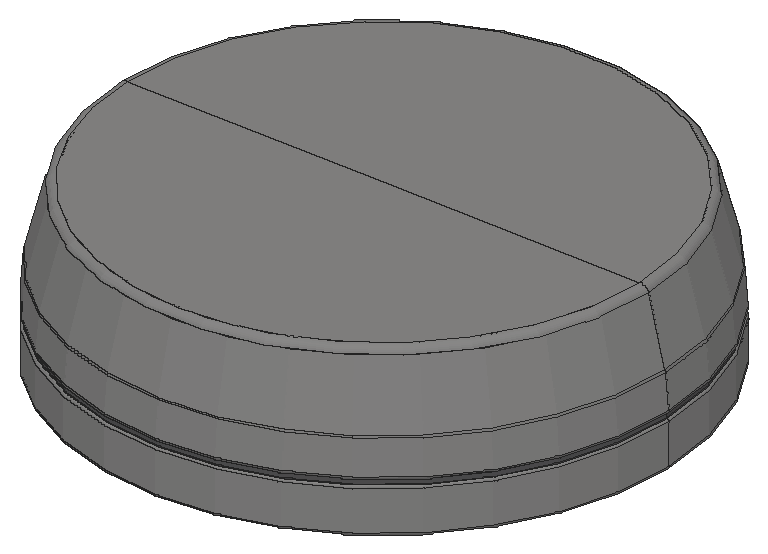
Revit family "Seating-Large_CAL133-Teknion-STBCJ_Qui-R2014", category Furniture, Revit 2014
Parameters (values of type "Large")
  Width = 60.000"
  Warranty = "http://www.teknionstudio.com/pdfs/Teknion%20Studio%20Warranty.pdf"
  Unit Weight = 255.00 lbf  # constant formula
  URL = "www.teknionstudio.com"
  Top Upholstery Finish [instance] = Fabric - Teknion - F206 - Full Wool - Fantasme
  Thread Finish [instance] = Thread - Teknion - Silver
  Series = "Studio"
  Product Line = "Qui"
  Product Documentation Link = "http://www.teknionstudio.com/pricing/STBCJ_ppg.pdf"
  Part Number = "STBCJ"
  No Casters = no
  Model = "STBCJ4"
  Mid Upholstery Finish [instance] = Fabric - Teknion - F212 - Full Wool - Ink
  Manufacturer Phone = "919-464-2920"
  Manufacturer Fax = "919-464-2927"
  Manufacturer Email = "customersupport@teknionstudio.com"
  Manufacturer Address = "3941 US 70 Business HWY West, Clayton, NC 27520"
  Manufacturer = "StudioTK"  # constant formula
  Low Emitting Material = yes
  Low Emitting Finish = yes
  Height = 17.3001"
  Designation = "CAL 133"  # constant formula
  Description = "Qui Large Ottoman - CAL133 -  Upholstered Mid Panel, 60\"dia x 18\"h / 152cm x 46cm"
  Depth = 60.000"
  Base Upholstery Finish [instance] = Fabric - Teknion - F206 - Full Wool - Fantasme
  Assembly Code = "E2020200"
Reference planes (in)
  plane 1 "Center F/B": y = 0
  plane 2: z = 0
  plane 3 "Center L/R": x = 0
  plane 4 "Left": x = -30
  plane 5 "Right": x = 30
  plane 6 "Back": y = 30
  plane 7 "Front": y = -30
  plane 8 "Top": z = 17.3001
  plane 9 "Mid Top": z = 5.99
  plane 10 "Mid Bottom": z = 5.4351
  plane 11 "Casters Top": z = 2.6851
  plane 12 "Bottom": z = 0.75
  plane 13: y = -10.5
  plane 14: through (0, 0, 48) normal (-0.5, 0.866, 0)
  plane 15: through (0, 0, 48) normal (0.5, 0.866, 0)
  plane 16 "Wheel Mid Plane": z = 1.19
  plane 17 "Thread 2": z = 16.6501
  plane 18 "Thread 3": x = -0.325
  plane 19 "Thread 4": x = 0.325
  plane 20: x = -3.725
  plane 21: x = 3.725
  plane 22: z = 5.61
  plane 23: z = 5.81
Forms (in)
  Revolve 1, solid, material "Fabric - Teknion - F206 - Full Wool - Fantasme" <- "Base Upholstery Finish"
    sketch origin (0, 0, 0) x (1, 0, 0) y (0, 0, 1)
      loop
        line (0, 5.4351) -> (-29.75, 5.4351)
        arc (-29.75, 5.4351) -> (-29.92678, 5.36188) -> (-30, 5.1851) r 0.25
        line (-30, 5.1851) -> (-30, 1)
        arc (-30, 1) -> (-29.92678, 0.82322) -> (-29.75, 0.75) r 0.25
        line (-29.75, 0.75) -> (0, 0.75) -> (0, 5.4351)
      axis (0, 5.4351) -> (0, 0.75)
    angle from 0 to 360
  Revolve 2, solid, material "Fabric - Teknion - F212 - Full Wool - Ink" <- "Mid Upholstery Finish"
    sketch origin (0, 0, 0) x (1, 0, 0) y (0, 0, 1)
      loop
        arc (-29.65, 6.0501) -> (-29.72071, 6.02081) -> (-29.75, 5.9501) r 0.1
        line (-29.75, 5.9501) -> (-29.75, 5.47013)
        arc (-29.75, 5.47013) -> (-29.72067, 5.39933) -> (-29.64987, 5.37) r 0.10013
        line (-29.64987, 5.37) -> (0, 5.37) -> (0, 6.0501) -> (-29.65, 6.0501)
      axis (0, 6.0501) -> (0, 5.37)
    angle from 0 to 360
  Revolve 3, solid, material "Fabric - Teknion - F206 - Full Wool - Fantasme" <- "Top Upholstery Finish"
    sketch origin (0, 0, 0) x (1, 0, 0) y (0, 0, 1)
      loop
        line (0, 17.3001) -> (0, 5.99) -> (29.73328, 5.99)
        arc (29.73328, 5.99) -> (29.9176, 6.0711) -> (29.98233, 6.26179) r 0.25
        line (29.98233, 6.26179) -> (29.67651, 9.75731)
        arc (29.67651, 9.75731) -> (29.66114, 9.87407) -> (29.63565, 9.98906) r 1.35
        line (29.63565, 9.98906) -> (27.8554, 16.63304)
        arc (27.8554, 16.63304) -> (27.53395, 17.11412) -> (26.98607, 17.3001) r 0.9
        line (26.98607, 17.3001) -> (0, 17.3001)
      axis (0, 5.99) -> (0, 17.3001)
    angle from 0 to 360
  Revolve 4, solid, material "Plastic - Teknion - E - Ebony"
    sketch origin (0, -16.9, 0) x (0, 1, 0) y (0, 0, 1)
      loop
        line (-10.5, 0) -> (-10.5, 0.75) -> (-11, 0.75) -> (-10.89982, 0) -> (-10.5, 0)
      axis (-10.5, 0) -> (-10.5, 0.75)
    angle from 0 to 360
  Revolve 5, solid, material "Plastic - Teknion - E - Ebony"
    sketch origin (-14.63583, -8.45, 0) x (0.866025, 0.5, 0) y (0, 0, 1)
      loop
        line (-10.5, 0) -> (-10.5, 0.75) -> (-11, 0.75) -> (-10.89982, 0) -> (-10.5, 0)
      axis (-10.5, 0) -> (-10.5, 0.75)
    angle from 0 to 360
  Revolve 6, solid, material "Plastic - Teknion - E - Ebony"
    sketch origin (-14.63583, 8.45, 0) x (0.866025, -0.5, 0) y (0, 0, 1)
      loop
        line (-10.5, 0) -> (-10.5, 0.75) -> (-11, 0.75) -> (-10.89982, 0) -> (-10.5, 0)
      axis (-10.5, 0) -> (-10.5, 0.75)
    angle from 0 to 360
  Revolve 7, solid, material "Plastic - Teknion - E - Ebony"
    sketch origin (0, 16.9, 0) x (0, -1, 0) y (0, 0, 1)
      loop
        line (-10.5, 0) -> (-10.5, 0.75) -> (-11, 0.75) -> (-10.89982, 0) -> (-10.5, 0)
      axis (-10.5, 0) -> (-10.5, 0.75)
    angle from 0 to 360
  Revolve 8, solid, material "Plastic - Teknion - E - Ebony"
    sketch origin (14.63583, 8.45, 0) x (-0.866025, -0.5, 0) y (0, 0, 1)
      loop
        line (-10.5, 0) -> (-10.5, 0.75) -> (-11, 0.75) -> (-10.89982, 0) -> (-10.5, 0)
      axis (-10.5, 0) -> (-10.5, 0.75)
    angle from 0 to 360
  Revolve 9, solid, material "Plastic - Teknion - E - Ebony"
    sketch origin (14.63583, -8.45, 0) x (-0.866025, 0.5, 0) y (0, 0, 1)
      loop
        line (-10.5, 0) -> (-10.5, 0.75) -> (-11, 0.75) -> (-10.89982, 0) -> (-10.5, 0)
      axis (-10.5, 0) -> (-10.5, 0.75)
    angle from 0 to 360
Lines and regions (in)
  Masking region 1
    outline origin (0, 0, 17.3001) x (-1, 0, 0) y (0, -1, 0)
      loop
        circle (0, 0) r 30
  symbolic lines, detail levels fine
    curve 1: circle (0, 0, 17.3001) r 29.5 normal (0, 0, 1)
  symbolic lines, detail levels medium+fine
    curve 2: circle (0, 0, 17.3001) r 27.85 normal (0, 0, 1)
  symbolic lines
    curve 3: circle (0, 0, 17.3001) r 27.35 normal (0, 0, 1)
  model lines, detail levels medium+fine
    curve 4: arc (0.325, -27.8481, 16.6501) -> (2.0288, -27.77601, 16.6501) -> (3.725, -27.59976, 16.6501) r 27.85
    curve 5: arc (-3.725, -27.59976, 16.6501) -> (-2.0288, -27.77601, 16.6501) -> (-0.325, -27.8481, 16.6501) r 27.85
    curve 7: line (-0.325, -27.85035, 16.6501) -> (-0.325, -29.64438, 9.95469)
    curve 8: line (-0.325, -29.97955, 6.24243) -> (-0.325, -29.69419, 9.50408)
    curve 9: arc (-0.325, -29.64438, 9.95469) -> (-0.325, -29.67065, 9.72953) -> (-0.325, -29.69419, 9.50408) r 18.79624
    curve 10: arc (-0.325, -29.97955, 6.24243) -> (-0.325, -29.90562, 6.06393) -> (-0.325, -29.72712, 5.99) r 0.25243
    curve 11: line (-0.325, -30, 5.19389) -> (-0.325, -30, 1.00401)
    curve 12: arc (-0.325, -30, 1.00401) -> (-0.325, -29.9256, 0.8244) -> (-0.325, -29.74599, 0.75) r 0.25401
    curve 13: arc (-0.325, -30, 5.19389) -> (-0.325, -29.93367, 5.36175) -> (-0.325, -29.76808, 5.43354) r 0.23582
    curve 14: line (0.325, -27.85035, 16.6501) -> (0.325, -29.64438, 9.95469)
    curve 15: line (0.325, -29.97955, 6.24243) -> (0.325, -29.69419, 9.50408)
    curve 16: arc (0.325, -29.64438, 9.95469) -> (0.325, -29.67065, 9.72953) -> (0.325, -29.69419, 9.50408) r 18.79624
    curve 17: arc (0.325, -29.97955, 6.24243) -> (0.325, -29.90562, 6.06393) -> (0.325, -29.72712, 5.99) r 0.25243
    curve 18: line (0.325, -30, 5.19389) -> (0.325, -30, 1.00401)
    curve 19: arc (0.325, -30, 1.00401) -> (0.325, -29.9256, 0.8244) -> (0.325, -29.74599, 0.75) r 0.25401
    curve 20: arc (0.325, -30, 5.19389) -> (0.325, -29.93367, 5.36175) -> (0.325, -29.76808, 5.43354) r 0.23582
  model lines, detail levels fine
    curve 6: arc (-3.725, -27.09514, 17.3001) -> (0, -27.35, 17.3001) -> (3.725, -27.09514, 17.3001) r 27.35
Dimensions and locks (in)
  "Height": plane 8 "Top" to level
  equal spacing: plane 4 "Left", plane 3 "Center L/R", plane 5 "Right"
  "Width": plane 4 "Left" to plane 5 "Right"
  equal spacing: plane 6 "Back", plane 1 "Center F/B", plane 7 "Front"
  "Depth": plane 6 "Back" to plane 7 "Front"
  locked: plane 3 "Center L/R" to Revolve 2 sketch curve at 29.75
  locked: plane 16 "Wheel Mid Plane" to plane 2 at 1.19
  plane 19 "Thread 4" to plane 3 "Center L/R" to plane 18 "Thread 3" = 0.325", 0.325"
  locked: plane 19 "Thread 4" to plane 18 "Thread 3" at 0.65
  Revolve 2 sketch curve to Revolve 2 sketch curve to Revolve 2 sketch curve to Revolve 2 sketch curve to plane 2 = 0.100" locked, 0.47997" locked, 0.10013" locked, 5.370" locked
  equal spacing: plane 20, plane 3 "Center L/R", plane 21
  locked: plane 20 to plane 21 at 7.45
  plane 23 to plane 22 to plane 2 = 0.200" locked, 5.610" locked
  plane 20 to plane 3 "Center L/R" to plane 21 = 3.725" locked, 3.725" locked
  locked: plane 13 to plane 7 "Front" at 19.5
  plane 11 "Casters Top" to plane 12 "Bottom" to level = 1.9351" locked, 0.750" locked
  locked: plane 8 "Top" to plane 17 "Thread 2" at 0.65
  radius of curve 1 = 29.500"
  radius of curve 2 = 27.850"
  radius of curve 3 = 27.350"
  radius of curve 13 = 0.23582"
  radius of curve 10 = 0.25243"
  radius of curve 12 = 0.25401"
  radius of curve 6 = 27.350"
  radius of curve 4 = 27.850"
  radius of Masking region 1 sketch curve = 30.000"
  locked: plane 5 "Right" to Revolve 3 sketch curve (angle 15.00°)
  locked: plane 5 "Right" to Revolve 3 sketch curve (angle 5.00°)
  locked: curve 5 to curve 5 (angle 7.01784°)
  locked: curve 4 to curve 4 (angle 7.01784°)
  angle plane 7 "Front" to curve 7 = 15.00°
  locked: plane 7 "Front" to curve 8 (angle 5.00°)
  aligned and locked: level to plane 2
  aligned and locked: plane 8 "Top" to Revolve 1 sketch curve
  aligned and locked: plane 2 to Revolve 1 sketch curve
  aligned and locked: Revolve 1 sketch curve to plane 3 "Center L/R"  (x2)
  aligned and locked: Revolve 1 sketch curve to plane 4 "Left"
  aligned and locked: Revolve 1 sketch curve to plane 12 "Bottom"
  aligned and locked: plane 10 "Mid Bottom" to Revolve 1 sketch curve
  aligned and locked: plane 8 "Top" to Revolve 2 sketch curve
  aligned and locked: plane 2 to Revolve 2 sketch curve
  aligned and locked: Revolve 2 sketch curve to plane 3 "Center L/R"  (x2)
  aligned and locked: plane 8 "Top" to Revolve 3 sketch curve
  aligned and locked: plane 2 to Revolve 3 sketch curve
  aligned and locked: plane 3 "Center L/R" to Revolve 3 sketch curve
  aligned and locked: Revolve 3 sketch curve to plane 8 "Top"
  aligned and locked: Revolve 3 sketch curve to plane 9 "Mid Top"
  aligned and locked: Revolve 3 sketch curve to plane 3 "Center L/R"
  aligned and locked: curve 4 to curve 5
  aligned and locked: curve 7 to curve 14
  aligned and locked: curve 16 to curve 9
  aligned and locked: curve 15 to curve 8
  aligned and locked: curve 17 to curve 10
  aligned and locked: curve 20 to curve 13
  aligned and locked: curve 18 to curve 11
  aligned and locked: curve 19 to curve 12
  aligned and locked: curve 7 to curve 4
  aligned and locked: plane 3 "Center L/R" to Masking region 1 sketch curve
  aligned and locked: plane 1 "Center F/B" to Masking region 1 sketch curve
  aligned and locked: plane 1 "Center F/B" to curve 2
  aligned and locked: plane 3 "Center L/R" to curve 2
  aligned and locked: plane 20 to curve 6
  aligned and locked: plane 21 to curve 6
  aligned and locked: curve 4 to curve 14
  aligned and locked: plane 21 to curve 4
  aligned and locked: curve 5 to curve 7
  aligned and locked: plane 1 "Center F/B" to curve 1
  aligned and locked: plane 3 "Center L/R" to curve 1
  aligned and locked: plane 1 "Center F/B" to curve 3
  aligned and locked: plane 3 "Center L/R" to curve 3
Automatic sketch dimensions
  plane 4 "Left" to Revolve 1 sketch curve = 0.250"
  plane 12 "Bottom" to Revolve 1 sketch curve = 0.250"
  Revolve 3 sketch curve to plane 5 "Right" = 0.01767"
  plane 9 "Mid Top" to Revolve 3 sketch curve = 0.27179"
  Revolve 3 sketch curve to plane 8 "Top" = 0.66706"
  Revolve 3 sketch curve to Revolve 3 sketch curve = 0.86933"
  Revolve 3 sketch curve to plane 5 "Right" = 0.36435"
  Revolve 3 sketch curve to Revolve 3 sketch curve = 0.04086"
  Revolve 3 sketch curve to plane 5 "Right" = 0.26672"
  Revolve 3 sketch curve to Revolve 3 sketch curve = 1.34486"
  Revolve 3 sketch curve to Revolve 3 sketch curve = 0.23175"
  Revolve 4 sketch curve to Revolve 4 sketch curve = 0.10018"
  Revolve 4 sketch curve to Revolve 4 sketch curve = 0.39982"
  Revolve 4 sketch curve to Revolve 4 sketch curve = 0.000"  (x2)
  Revolve 4 sketch curve to Revolve 4 sketch curve = 0.750"
  Revolve 4 sketch curve to Revolve 4 sketch curve = 16.5501"
  Revolve 5 sketch curve to Revolve 5 sketch curve = 0.10018"
  Revolve 5 sketch curve to Revolve 5 sketch curve = 0.39982"
  Revolve 5 sketch curve to Revolve 5 sketch curve = 0.000"  (x2)
  Revolve 5 sketch curve to Revolve 5 sketch curve = 0.750"
  Revolve 5 sketch curve to Revolve 5 sketch curve = 16.5501"
  Revolve 6 sketch curve to Revolve 6 sketch curve = 0.10018"
  Revolve 6 sketch curve to Revolve 6 sketch curve = 0.39982"
  Revolve 6 sketch curve to Revolve 6 sketch curve = 0.000"  (x2)
  Revolve 6 sketch curve to Revolve 6 sketch curve = 0.750"
  Revolve 6 sketch curve to Revolve 6 sketch curve = 16.5501"
  Revolve 7 sketch curve to Revolve 7 sketch curve = 0.10018"
  Revolve 7 sketch curve to Revolve 7 sketch curve = 0.39982"
  Revolve 7 sketch curve to Revolve 7 sketch curve = 0.000"  (x2)
  Revolve 7 sketch curve to Revolve 7 sketch curve = 0.750"
  Revolve 7 sketch curve to Revolve 7 sketch curve = 16.5501"
  Revolve 8 sketch curve to Revolve 8 sketch curve = 0.10018"
  Revolve 8 sketch curve to Revolve 8 sketch curve = 0.39982"
  Revolve 8 sketch curve to Revolve 8 sketch curve = 0.000"  (x2)
  Revolve 8 sketch curve to Revolve 8 sketch curve = 0.750"
  Revolve 8 sketch curve to Revolve 8 sketch curve = 16.5501"
  Revolve 9 sketch curve to Revolve 9 sketch curve = 0.10018"
  Revolve 9 sketch curve to Revolve 9 sketch curve = 0.39982"
  Revolve 9 sketch curve to Revolve 9 sketch curve = 0.000"  (x2)
  Revolve 9 sketch curve to Revolve 9 sketch curve = 0.750"
  Revolve 9 sketch curve to Revolve 9 sketch curve = 16.5501"
  curve 13 to plane 10 "Mid Bottom" = 0.00156"
  curve 18 to plane 7 "Front" = 0.000"
  curve 18 to plane 16 "Wheel Mid Plane" = 0.18599"
  curve 14 to plane 7 "Front" = 0.35562"
  curve 19 to plane 12 "Bottom" = 0.000"
  curve 17 to plane 9 "Mid Top" = 0.000"
  curve 14 to plane 17 "Thread 2" = 0.000"
  curve 18 to plane 10 "Mid Bottom" = 0.24121"
  curve 15 to plane 7 "Front" = 0.02045"
  plane 9 "Mid Top" to curve 15 = 0.25243"
  curve 15 to plane 7 "Front" = 0.30581"
  curve 17 to curve 15 = 3.26165"
  curve 16 to curve 14 = 0.45061"
  curve 18 to curve 20 = 0.00386"
  curve 20 to plane 10 "Mid Bottom" = 0.00156"
  curve 16 to plane 13 = 0.48821"
  curve 14 to plane 7 "Front" = 2.14965"
  curve 20 to curve 18 = 0.23579"
  plane 1 "Center F/B" to curve 5 = 0.000"
  curve 1 to curve 6 = 0.000"  (x2)
